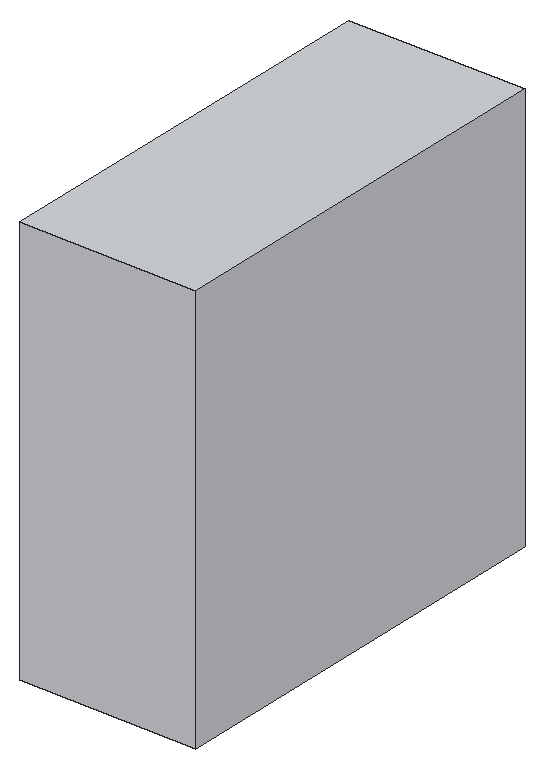
Revit family "M_Abafador de controle - Lâmina oposta", category Acessórios de duto, Revit 2019
Family settings
  Cota do conector redondo = Utilizar diâmetro
  Tipo de parte = Regulador de fluxo de ar
  Número OmniClass = 23.75.70.11.14.14
  Título OmniClass = Dampers for Air Ductwork
  ID de item do Seek = M_Control Damper - Opposed Blade-0000-USA-ENU
  Com base no plano de trabalho = Não
  Sempre na vertical = Sim
  Corte com vazios quando carregada = Não
  Compartilhado = Não
Parameters (values of type "Padrão")
  Largura 1 [instance] = Largura da lâmina / 4  # 75 mm
  Queda de pressão [instance] = 0.0 Pa
  Largura do duto [instance] = 300 mm
  Altura do duto [instance] = 300 mm
  Largura do abafador [instance] = Largura do duto + 50 mm  # 350 mm
  Material do abafador = none
  Comprimento do abafador = 150 mm
  Altura do abafador [instance] = Altura do duto + 50 mm  # 350 mm
  Largura da lâmina [instance] = Largura do duto  # 300 mm
  Comprimento da lâmina [instance] = 100 mm
Reference planes
  plane 1 "Centro (Frente/Trás)": y = 0
  plane 2: z = 0
  plane 3 "Centro (Esquerda/Direita)": x = 0
  plane 4: y = 175
  plane 5: x = 75
  plane 6: z = 175
  plane 7: z = -175
  plane 8: x = 0
  plane 9: x = 50
  plane 10: x = -50
  plane 11: y = 150
  plane 12: y = -150
  plane 13: y = -175
  plane 14: x = -75
Forms (mm)
  Extrusion 1, solid, material <- "Material do abafador"
    sketch origin (-158.75, 0, 0) x (1, 0, 0) y (0, 1, 0)
      loop
        line (83.75, 175) -> (83.75, -175) -> (233.75, -175) -> (233.75, 175) -> (83.75, 175)
    from -175 to 175
Lines and regions (mm)
  symbolic lines, detail levels coarse+medium
    curve 1: line (50, 150, 0) -> (-50, 75, 0)
    curve 2: line (-50, 75, 0) -> (50, 0, 0)
    curve 3: line (50, 0, 0) -> (-50, -75, 0)
    curve 4: line (-50, -75, 0) -> (50, -150, 0)
Dimensions and locks
  equal spacing: plane 6, plane 2, plane 7
  equal spacing: plane 10, plane 8, plane 9
  "Largura da lâmina": plane 11 to plane 12
  equal spacing: plane 4, plane 1 "Centro (Frente/Trás)", plane 13
  "Largura do abafador": plane 4 to plane 13
  "Largura 1": plane 1 "Centro (Frente/Trás)" to curve 2
  equal spacing: curve 4, plane 1 "Centro (Frente/Trás)", curve 2
  "Altura do abafador": plane 7 to plane 6
  equal spacing: plane 11, plane 1 "Centro (Frente/Trás)", plane 12
  "Comprimento da lâmina": plane 10 to plane 9
  equal spacing: plane 14, plane 3 "Centro (Esquerda/Direita)", plane 5
  "Comprimento do abafador": plane 14 to plane 5
  aligned and locked: plane 6 to Extrusion 1
  aligned and locked: plane 7 to Extrusion 1
  aligned and locked: plane 11 to curve 1
  aligned and locked: plane 9 to curve 1
  aligned and locked: plane 10 to curve 2
  aligned and locked: plane 10 to curve 4
  aligned and locked: plane 12 to curve 4
  aligned and locked: plane 9 to curve 4
  aligned and locked: plane 3 "Centro (Esquerda/Direita)" to plane 8
  aligned and locked: plane 14 to Extrusion 1 sketch curve
  aligned and locked: Extrusion 1 sketch curve to plane 4
  aligned and locked: Extrusion 1 sketch curve to plane 5
  aligned and locked: Extrusion 1 sketch curve to plane 13
Automatic sketch dimensions
  curve 3 to plane 1 "Centro (Frente/Trás)" = 0 mm
  curve 3 to plane 9 = 0 mm
  curve 3 to plane 10 = 0 mm
Connectors
  hvac at (-75, 0, 0), driven by "Altura do duto", driven by "Largura do duto", driven by "Queda de pressão"
    settings: on Extrusion 1, index 1, duct flow 0.0 L/s, flow factor 0, pres drop 0.0 Pa, loss coef 0, conn angle 0.00°, conn width 300 mm, conn height 300 mm, conn diameter 609.6 mm, duct sys type 29, conn prof type 1, flow config 0, flow direction 0, loss method 4, conn ref index 2, conn util no, is conn primary yes, conn desc ""
  hvac at (75, 0, 0), driven by "Altura do duto", driven by "Largura do duto"
    settings: on Extrusion 1, index 2, duct flow 0.0 L/s, flow factor 0, pres drop 0.0 Pa, loss coef 0, conn angle 0.00°, conn width 300 mm, conn height 300 mm, conn diameter 609.6 mm, duct sys type 29, conn prof type 1, flow config 0, flow direction 0, loss method 4, conn ref index 1, conn util no, is conn primary no, conn desc ""
